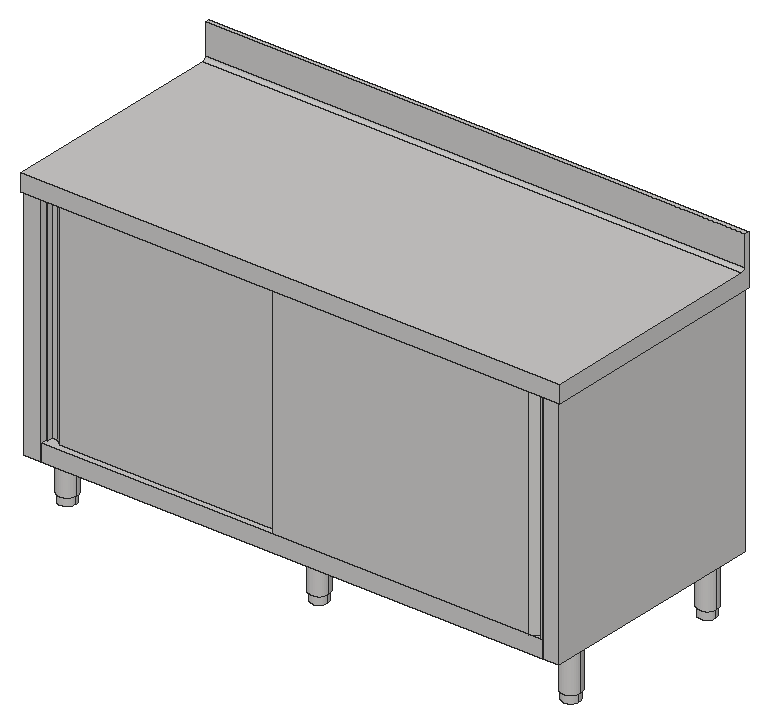
Revit family "QF_ZANUSSI_132865_MS1617N", category Attrezzature speciali, Revit 2020
Family settings
  Quota connettore circolare = Usa diametro
  Tipo di parte = Normale
  Basato su piano di lavoro = No
  Sempre verticale = Sì
  Taglio con vuoti quando caricato = No
  Condiviso = No
  Punto di calcolo locali = No
Parameters (values of type "Standard")
  Weight = 65.00 kg
  Watts = 0 W
  Volts = 0 V
  URL Manufacturer = "http://www.zanussiprofessional.com"
  URL = "http://www.zanussiprofessional.com"
  Steam Supply Size = 0 mm
  Steam Supply Minimum Pressure = 0.0 Pa
  Steam Supply Maximum Pressure = 0.0 Pa
  Steam Consumption per Hour = 0
  Refrigeration Suction Line Size = 0.0 mm
  Refrigeration Liquid Line Size = 0.0 mm
  Refrigerant Compressor Remote = yes
  Prospetto di default = 0.0 mm
  Produttore = "Zanussi"
  Phase = 0
  Modello = "MS1617N"
  Length Actual = 1600.0 mm  # constant formula
  Item Number = "132865"
  Hot Water Size = 0 mm
  Height Actual = 1000.0 mm  # constant formula
  HP = "0 HP"
  Gas Size = 0 mm
  Gas KW = 0
  Gas Input Pressure = 0 W
  Direct Waste Size = 0 mm
  Descrizione = "WORKTOP CUPBOARD WITH UPSTAND 1600MM"
  Depth Actual = 700.0 mm  # constant formula
  Cycle = 0 Hz
  Condensate Return Size = 0 mm
  Compressed Air Volume = 0.0 L/s
  Compressed Air Size = 0 mm
  Compressed Air Pressure = 0.0 Pa
  Cold Water Size = 0 mm
  Accessory = yes
Reference planes
  plane 1 "Center (Front/Back)": y = 0
  plane 2: z = 0
  plane 3 "Center (Left/Right)": x = -300
  plane 4 "LEFT": x = -1100
  plane 5 "RIGHT": x = 500
  plane 6 "BACK": y = 350
  plane 7 "FRONT": y = -350
  plane 8 "Base": z = 850
  plane 9 "TOP": z = 900
  plane 10: x = -1046.9
  plane 11: x = 446.9
  plane 12: y = 264.5
  plane 13: y = -241.9
  plane 14 "BodyLeft": x = -1094.5
  plane 15 "BodyFront": y = -344.5
  plane 16 "BodyRight": x = 494.5
  plane 17 "BodyBack": y = 344.5
  plane 18 "FEET": z = 150
  plane 19: x = -244.5
  plane 20: x = -355.5
Forms (mm)
  Extrusion 1, solid, material "QF_Finishes_Stainless Steel"
    sketch origin (-300, 0, 0) x (0, 1, 0) y (0, 0, 1)
      loop
        line (-350, 850) -> (350, 850) -> (350, 1000) -> (337, 1000) -> (337, 910)
        arc (337, 910) -> (334.071, 902.929) -> (327, 900) r 10
        line (327, 900) -> (-350, 900) -> (-350, 850)
    from 800 to -800
  Extrusion 2, solid, material "QF_Finishes_Stainless Steel"
    sketch origin (0, 0, 150) x (-1, 0, 0) y (0, -1, 0)
      loop
        line (1094.5, -344.5) -> (1094.5, 344.5) -> (1044.5, 344.5) -> (1044.5, -344.5) -> (1094.5, -344.5)
      loop
        line (-444.5, -344.5) -> (-444.5, 344.5) -> (-494.5, 344.5) -> (-494.5, -344.5) -> (-444.5, -344.5)
    from 0 to 700
  Extrusion 3, solid, material "QF_Finishes_Stainless Steel"
    sketch origin (0, 0, 150) x (-1, 0, 0) y (0, -1, 0)
      loop
        line (1043.585, -344.5) -> (1043.585, 344.5) -> (-444.5, 344.5) -> (-444.5, -344.5) -> (1043.585, -344.5)
    from 0 to 50
  Extrusion 4, solid, material "QF_Finishes_Stainless Steel"
    sketch origin (0, 0, 150) x (-1, 0, 0) y (0, -1, 0)
      loop
        line (1043.585, -344.5) -> (1043.585, -294.5) -> (-444.5, -294.5) -> (-444.5, -344.5) -> (1043.585, -344.5)
    from 50 to 700
  Extrusion 5, solid, material "QF_Finishes_Stainless Steel"
    sketch origin (0, 0, 150) x (-1, 0, 0) y (0, -1, 0)
      loop
        line (-444.5, 344.5) -> (-444.5, 324.5) -> (355.5, 324.5) -> (355.5, 344.5) -> (-404.5, 344.5) -> (-424.5, 329.5) -> (-439.5, 329.5) -> (-439.5, 344.5) -> (-444.5, 344.5)
    from 50 to 700
  Extrusion 6, solid, material "QF_Finishes_Stainless Steel"
    sketch origin (0, 20, 150) x (1, 0, 0) y (0, 1, 0)
      loop
        line (-1044.5, -344.5) -> (-1039.5, -344.5) -> (-1039.5, -329.5) -> (-1024.5, -329.5) -> (-1004.5, -344.5) -> (-244.5, -344.5) -> (-244.5, -324.5) -> (-1044.5, -324.5) -> (-1044.5, -344.5)
    from 50 to 700
Lines and regions (mm)
  symbolic lines
    curve 1: line (500, 350, 900) -> (-1100, 350, 900)
    curve 2: line (-1100, 350, 900) -> (-1100, -350, 900)
    curve 3: line (-1100, -350, 900) -> (500, -350, 900)
    curve 4: line (500, -350, 900) -> (500, 350, 900)
    curve 5: line (-1100, 337, 900) -> (500, 337, 900)
  symbolic lines, style "SpecialityEquipmentHiddenLines"
    curve 6: line (-1094.5, -344.5, 150) -> (-1094.5, 344.5, 150)
    curve 7: line (-1094.5, 344.5, 150) -> (494.5, 344.5, 150)
    curve 8: line (494.5, 344.5, 150) -> (494.5, -344.5, 150)
    curve 9: line (494.5, -344.5, 150) -> (-1094.5, -344.5, 150)
    curve 10: line (-1044.5, -304.5, 150) -> (-244.5, -304.5, 150)
    curve 11: line (-244.5, -304.5, 150) -> (-244.5, -324.5, 150)
    curve 12: line (444.5, -324.5, 150) -> (-1044.5, -324.5, 150)
    curve 13: line (-1044.5, -324.5, 150) -> (-1044.5, -304.5, 150)
    curve 14: line (-355.5, -344.5, 150) -> (-355.5, -324.5, 150)
Dimensions and locks
  plane 4 "LEFT" to plane 5 "RIGHT" = 1600.0 mm
  equal spacing: plane 4 "LEFT", plane 3 "Center (Left/Right)", plane 5 "RIGHT"
  locked: plane 8 "Base" to level at 850
  locked: Extrusion 1 to level at 1000
  plane 9 "TOP" to level = 900.0 mm
  plane 6 "BACK" to plane 7 "FRONT" = 700.0 mm
  equal spacing: plane 6 "BACK", plane 1 "Center (Front/Back)", plane 7 "FRONT"
  locked: plane 4 "LEFT" to plane 14 "BodyLeft" at 5.5
  locked: plane 16 "BodyRight" to plane 5 "RIGHT" at 5.5
  locked: plane 15 "BodyFront" to plane 7 "FRONT" at 5.5
  locked: plane 6 "BACK" to plane 17 "BodyBack" at 5.5
  locked: plane 14 "BodyLeft" to plane 10 at 47.6
  locked: plane 11 to plane 16 "BodyRight" at 47.6
  locked: plane 13 to plane 15 "BodyFront" at 102.6
  locked: plane 17 "BodyBack" to plane 12 at 80
  plane 10 to plane 11 = 1493.8 mm
  plane 12 to plane 13 = 506.4 mm
  locked: plane 14 "BodyLeft" to Extrusion 2 sketch curve at 50
  locked: Extrusion 2 sketch curve to Extrusion 2 sketch curve at 50
  Extrusion 3 to Extrusion 4 sketch curve = 50.0 mm
  Extrusion 2 to plane 19 = 800.0 mm
  plane 20 to Extrusion 2 = 800.0 mm
  locked: plane 18 "FEET" to level at 150
  aligned and locked: level to plane 2
  aligned and locked: plane 10 to nested 1
  aligned and locked: nested 1 to plane 13
  aligned and locked: plane 11 to nested 2
  aligned and locked: nested 2 to plane 13
  aligned and locked: plane 11 to nested 4
  aligned and locked: nested 4 to plane 12
  aligned and locked: plane 10 to nested 3
  aligned and locked: nested 3 to plane 12
  aligned and locked: Extrusion 1 to plane 4 "LEFT"
  aligned and locked: plane 5 "RIGHT" to Extrusion 1
  aligned and locked: curve 2 to plane 4 "LEFT"
  aligned and locked: plane 17 "BodyBack" to Extrusion 2 sketch curve
  aligned and locked: Extrusion 2 sketch curve to plane 15 "BodyFront"
  aligned and locked: Extrusion 2 sketch curve to plane 14 "BodyLeft"
  aligned and locked: plane 16 "BodyRight" to Extrusion 2 sketch curve
  aligned and locked: Extrusion 2 sketch curve to plane 17 "BodyBack"
  aligned and locked: plane 15 "BodyFront" to Extrusion 2 sketch curve
  aligned and locked: Extrusion 3 sketch curve to plane 17 "BodyBack"
  aligned and locked: plane 15 "BodyFront" to Extrusion 3 sketch curve
  aligned and locked: plane 8 "Base" to Extrusion 2
  aligned and locked: plane 8 "Base" to Extrusion 5
  aligned and locked: Extrusion 5 to Extrusion 3
  aligned and locked: Extrusion 6 sketch curve to plane 19
  aligned and locked: Extrusion 5 sketch curve to plane 20
  aligned and locked: curve 7 to plane 17 "BodyBack"
  aligned and locked: Extrusion 2 to plane 14 "BodyLeft"
  aligned and locked: plane 16 "BodyRight" to curve 8
  aligned and locked: plane 15 "BodyFront" to curve 9
  aligned and locked: plane 3 "Center (Left/Right)" to nested 5
  aligned and locked: plane 3 "Center (Left/Right)" to nested 6
Automatic sketch dimensions
  curve 3 to plane 7 "FRONT" = 0.0 mm
  curve 5 to plane 5 "RIGHT" = 0.0 mm
  curve 4 to plane 6 "BACK" = 0.0 mm
  curve 5 to plane 17 "BodyBack" = 7.5 mm
  Extrusion 1 sketch curve to plane 7 "FRONT" = 0.0 mm
  Extrusion 1 sketch curve to plane 9 "TOP" = 0.0 mm
  Extrusion 1 sketch curve to plane 6 "BACK" = 0.0 mm
  Extrusion 1 sketch curve to plane 8 "Base" = 0.0 mm
  Extrusion 1 sketch curve to plane 17 "BodyBack" = 17.5 mm
  Extrusion 1 sketch curve to plane 17 "BodyBack" = 7.5 mm
  Extrusion 1 sketch curve to Extrusion 1 sketch curve = 90.0 mm
  Extrusion 5 sketch curve to plane 15 "BodyFront" = 0.0 mm  (x2)
  Extrusion 5 sketch curve to plane 11 = 2.4 mm
  Extrusion 5 sketch curve to Extrusion 5 sketch curve = 5.0 mm
  Extrusion 5 sketch curve to Extrusion 5 sketch curve = 15.0 mm
  Extrusion 5 sketch curve to Extrusion 5 sketch curve = 20.0 mm
  plane 15 "BodyFront" to Extrusion 5 sketch curve = 15.0 mm
  plane 15 "BodyFront" to Extrusion 5 sketch curve = 20.0 mm
  Extrusion 6 sketch curve to plane 15 "BodyFront" = 20.0 mm  (x2)
  Extrusion 6 sketch curve to plane 10 = 2.4 mm
  Extrusion 6 sketch curve to Extrusion 6 sketch curve = 5.0 mm
  Extrusion 6 sketch curve to Extrusion 6 sketch curve = 15.0 mm
  Extrusion 6 sketch curve to Extrusion 6 sketch curve = 20.0 mm  (x2)
  Extrusion 6 sketch curve to plane 15 "BodyFront" = 35.0 mm
  Extrusion 3 sketch curve to plane 11 = 2.4 mm
  plane 10 to Extrusion 3 sketch curve = 3.315 mm
  Extrusion 4 sketch curve to plane 11 = 2.4 mm
  plane 10 to Extrusion 4 sketch curve = 3.315 mm
  curve 10 to plane 19 = 0.0 mm
  curve 14 to plane 20 = 0.0 mm
  curve 7 to plane 14 "BodyLeft" = 0.0 mm
  plane 10 to curve 13 = 2.4 mm
  curve 10 to curve 13 = 20.0 mm
  curve 12 to plane 11 = 2.4 mm
  plane 15 "BodyFront" to curve 14 = 20.0 mm
Nested families
  nested 1: "FEET_D58-150" at (-1046.9, -241.9, 0), type "FEET_D58-150"
  nested 2: "FEET_D58-150" at (446.9, -241.9, 0), type "FEET_D58-150"
  nested 3: "FEET_D58-150" at (-1046.9, 264.5, 0), type "FEET_D58-150"
  nested 4: "FEET_D58-150" at (446.9, 264.5, 0), type "FEET_D58-150"
  nested 5: "FEET_D58-150" at (-300, -241.9, 0), type "FEET_D58-150"
  nested 6: "FEET_D58-150" at (-300, 264.5, 0), type "FEET_D58-150"
Definition of nested family "FEET_D58-150"
  Parameters
    Default Elevation = 0.0 mm
    FEET = 150.0 mm
  Reference planes
    plane 1 "Center (Front/Back)": y = 0
    plane 2: z = 0
    plane 3 "Center (Left/Right)": x = 0
    plane 4: z = 150
  Forms (mm)
    Extrusion 1, solid
      sketch origin (0, 0, 0) x (1, 0, 0) y (0, 1, 0)
        loop
          circle (0, 0) r 25
      from 0 to 25
    Extrusion 2, solid
      sketch origin (0, 0, 0) x (1, 0, 0) y (0, 1, 0)
        loop
          circle (0.061, 0) r 29
      from 25 to 150 <- "FEET"
  Lines and regions (mm)
    symbolic lines
      curve 1: line (0, -1.503, 0) -> (0, 1.508, 0)
      curve 2: line (1.561, 0, 0) -> (-1.439, 0, 0)
  Dimensions and locks
    "FEET": plane 4 to plane 2
    aligned and locked: level to plane 2
  Automatic sketch dimensions
    plane 1 "Center (Front/Back)" to Extrusion 1 sketch curve = 0.0 mm
    Extrusion 1 sketch curve to plane 3 "Center (Left/Right)" = 0.0 mm
    plane 1 "Center (Front/Back)" to curve 2 = 0.0 mm
    curve 1 to plane 3 "Center (Left/Right)" = 0.0 mm
    curve 2 to plane 3 "Center (Left/Right)" = 1.439 mm
    plane 3 "Center (Left/Right)" to curve 2 = 1.561 mm
    plane 1 "Center (Front/Back)" to curve 1 = 1.503 mm
    curve 1 to plane 1 "Center (Front/Back)" = 1.508 mm
    plane 1 "Center (Front/Back)" to Extrusion 2 sketch curve = 0.0 mm
    plane 3 "Center (Left/Right)" to Extrusion 2 sketch curve = 0.061 mm
    radius of Extrusion 1 sketch curve = 25.0 mm
    radius of Extrusion 2 sketch curve = 29.0 mm
